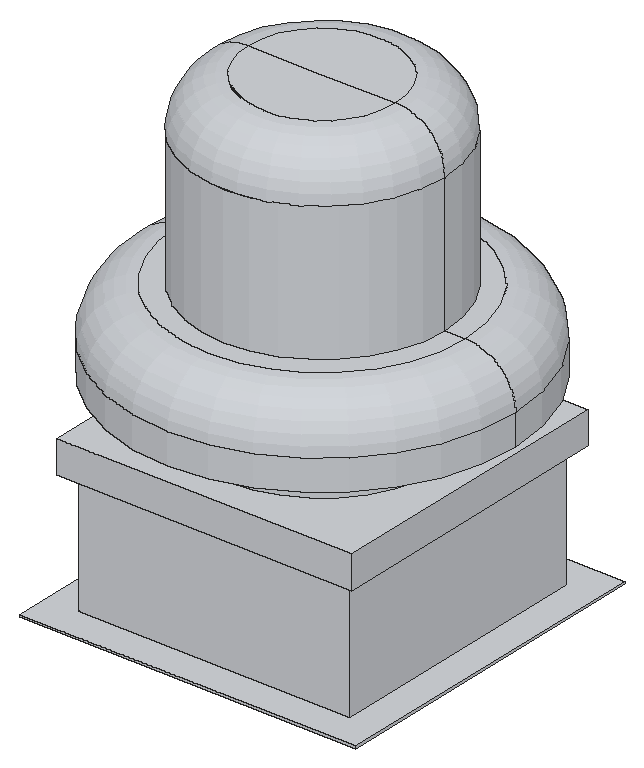
Revit family "ACE-B", category Mechanical Equipment, Revit 2019
Family settings
  Round Connector Dimension = Use Diameter
  Part Type = Normal
  Work Plane-Based = No
  Always vertical = Yes
  Cut with Voids When Loaded = No
  Shared = No
  Room Calculation Point = No
Parameters (values of type "100_ACE-B")
  ZERO = 0' - 0"  # constant formula
  Voltage [instance] = 0 V
  Unit Weight [instance] = ""
  URL = "www.lorencook.com"
  Type Comments = "Downblast Centrifugal Exhaust Ventilator Roof Mounted/Belt Drive"  # constant formula
  T_SQ_HALF = T_SQ / 2  # 0' - 9"
  T_SQ = 1' - 6"
  Static Pressure [instance] = 0.00 in-wg
  Sones [instance] = ""
  ROOF_OPENING = T_SQ - 0' 4 1/2"  # 1' - 1 1/2"
  RO/2 = ROOF_OPENING / 2  # 0' - 6 3/4"
  Power [instance] = Voltage * Motor FLA * sqrt(if(Phase = 3, 3, 1))  # 0 VA
  Phase [instance] = 0
  Number of Poles [instance] = 1
  Motor RPM [instance] = ""
  Motor Hp [instance] = "0"
  Motor FLA [instance] = 0 A
  Motor Enclosure [instance] = ""
  ModelID [instance] = ""
  Model = "ACEB"
  Manufacturer = "Loren Cook Company"
  LwA [instance] = ""
  HALF_B_SUB = B_SUB / 2  # 0' - 11 25/32"
  Fan RPM [instance] = ""
  EIGHTH_T_SQ = T_SQ / 10  # 0' - 1.8"
  EDGE_TO_CURB = 0' - 2 1/4"
  DEPTH = 0' - 2"
  C_SUB = 1' - 9 1/8"
  CURB_OD/2 = CURB_OD / 2  # 0' - 8 1/4"
  CURB_OD = ROOF_OPENING + 0' 3"  # 1' - 4 1/2"
  CURB_FLANGE/2 = CURB_FLANGE / 2  # 0' - 10 1/4"
  CURB_FLANGE = CURB_OD + 0' 4"  # 1' - 8 1/2"
  CURB [instance] = yes
  CFM [instance] = 0 CFM
  Brake Hp [instance] = ""
  B_SUB = 1' - 11 9/16"
  Accessories [instance] = ""
  A_SUB = 0' - 2 7/8"
  APLUSG = A_SUB + DEPTH  # 0' - 4 7/8"
  CURB_HEIGHT [instance] = 0' - 9 1/2"
  2" = 0' - 2"  # constant formula
  ONE EIGTH = 0' - 0 1/8"  # constant formula
  -RO/2 = -ROOF_OPENING / 2  # -0' - 6 3/4"
  -CURB_OD/2 = -CURB_OD / 2  # -0' - 8 1/4"
  -CURB_FLANGE/2 = -CURB_FLANGE / 2  # -0' - 10 1/4"
Types (22): name | T_SQ_HALF | T_SQ | ROOF_OPENING | RO/2 | Motor Hp | Manufacturer | HALF_B_SUB | EIGHTH_T_SQ | EDGE_TO_CURB | DEPTH | C_SUB | CURB_OD/2 | CURB_OD | CURB_FLANGE/2 | CURB_FLANGE | B_SUB | A_SUB | APLUSG | -RO/2 | -CURB_OD/2 | -CURB_FLANGE/2
  (no name) | 0' - 9" | 1' - 6" | 1' - 1 1/2" | 0' - 6 3/4" | "0" | "Loren Cook Company" | 0' - 11 25/32" | 0' - 1.8" | 0' - 2 1/4" | 0' - 2" | 1' - 9 1/8" | 0' - 8 1/4" | 1' - 4 1/2" | 0' - 10 1/4" | 1' - 8 1/2" | 1' - 11 9/16" | 0' - 2 7/8" | 0' - 4 7/8" | -0' - 6 3/4" | -0' - 8 1/4" | -0' - 10 1/4"
  60_ACE-B | 0' - 9" | 1' - 6" | 1' - 1 1/2" | 0' - 6 3/4" | "" | "Loren Cook Company" | 0' - 11 25/32" | 0' - 1.8" | 1' - 0.36115" | 0' - 2" | 1' - 9 1/8" | 0' - 8 1/4" | 1' - 4 1/2" | 0' - 10 1/4" | 1' - 8 1/2" | 1' - 11 9/16" | 0' - 2 7/8" | 0' - 4 7/8" | -0' - 6 3/4" | -0' - 8 1/4" | -0' - 10 1/4"
  70_ACE-B | 0' - 9" | 1' - 6" | 1' - 1 1/2" | 0' - 6 3/4" | "" | "Loren Cook Company\r\nLoren Cook Company" | 0' - 11 25/32" | 0' - 1.8" | 1' - 0.36115" | 0' - 2" | 1' - 9 1/8" | 0' - 8 1/4" | 1' - 4 1/2" | 0' - 10 1/4" | 1' - 8 1/2" | 1' - 11 9/16" | 0' - 2 7/8" | 0' - 4 7/8" | -0' - 6 3/4" | -0' - 8 1/4" | -0' - 10 1/4"
  80_ACE-B | 0' - 9" | 1' - 6" | 1' - 1 1/2" | 0' - 6 3/4" | "" | "Loren Cook Company" | 0' - 11 25/32" | 0' - 1.8" | 1' - 0.36115" | 0' - 2" | 1' - 9 1/8" | 0' - 8 1/4" | 1' - 4 1/2" | 0' - 10 1/4" | 1' - 8 1/2" | 1' - 11 9/16" | 0' - 2 7/8" | 0' - 4 7/8" | -0' - 6 3/4" | -0' - 8 1/4" | -0' - 10 1/4"
  100_ACE-B | 0' - 9" | 1' - 6" | 1' - 1 1/2" | 0' - 6 3/4" | "0" | "Loren Cook Company" | 0' - 11 25/32" | 0' - 1.8" | 0' - 2 1/4" | 0' - 2" | 1' - 9 1/8" | 0' - 8 1/4" | 1' - 4 1/2" | 0' - 10 1/4" | 1' - 8 1/2" | 1' - 11 9/16" | 0' - 2 7/8" | 0' - 4 7/8" | -0' - 6 3/4" | -0' - 8 1/4" | -0' - 10 1/4"
  120_ACE-B | 0' - 10" | 1' - 8" | 1' - 3 1/2" | 0' - 7 3/4" | "" | "Loren Cook Company" | 1' - 2 7/32" | 0' - 2" | 1' - 0.36115" | 0' - 2" | 2' - 2 7/8" | 0' - 9 1/4" | 1' - 6 1/2" | 0' - 11 1/4" | 1' - 10 1/2" | 2' - 4 7/16" | 0' - 1 13/16" | 0' - 3 13/16" | -0' - 7 3/4" | -0' - 9 1/4" | -0' - 11 1/4"
  135_ACE-B | 0' - 10" | 1' - 8" | 1' - 3 1/2" | 0' - 7 3/4" | "" | "Loren Cook Company" | 1' - 2 7/32" | 0' - 2" | 1' - 0.36115" | 0' - 2" | 2' - 3 1/4" | 0' - 9 1/4" | 1' - 6 1/2" | 0' - 11 1/4" | 1' - 10 1/2" | 2' - 4 7/16" | 0' - 2 3/16" | 0' - 4 3/16" | -0' - 7 3/4" | -0' - 9 1/4" | -0' - 11 1/4"
  150_ACE-B | 1' - 0" | 2' - 0" | 1' - 7 1/2" | 0' - 9 3/4" | "" | "Loren Cook Company" | 1' - 4 7/16" | 0' - 2.4" | 1' - 0.36115" | 0' - 2" | 2' - 4 7/8" | 0' - 11 1/4" | 1' - 10 1/2" | 1' - 1 1/4" | 2' - 2 1/2" | 2' - 8 7/8" | 0' - 3 1/16" | 0' - 5 1/16" | -0' - 9 3/4" | -0' - 11 1/4" | -1' - 1 1/4"
  165_ACE-B | 1' - 0" | 2' - 0" | 1' - 7 1/2" | 0' - 9 3/4" | "" | "Loren Cook Company" | 1' - 4 7/16" | 0' - 2.4" | 1' - 0.36115" | 0' - 2" | 2' - 5 3/8" | 0' - 11 1/4" | 1' - 10 1/2" | 1' - 1 1/4" | 2' - 2 1/2" | 2' - 8 7/8" | 0' - 3 9/16" | 0' - 5 9/16" | -0' - 9 3/4" | -0' - 11 1/4" | -1' - 1 1/4"
  180_ACE-B | 1' - 3" | 2' - 6" | 2' - 1 1/2" | 1' - 0 3/4" | "" | "Loren Cook Company" | 1' - 6 27/32" | 0' - 3" | 1' - 0.36115" | 0' - 3" | 2' - 10 1/2" | 1' - 2 1/4" | 2' - 4 1/2" | 1' - 4 1/4" | 2' - 8 1/2" | 3' - 1 11/16" | 0' - 3 15/16" | 0' - 6 15/16" | -1' - 0 3/4" | -1' - 2 1/4" | -1' - 4 1/4"
  195_ACE-B | 1' - 3" | 2' - 6" | 2' - 1 1/2" | 1' - 0 3/4" | "" | "Loren Cook Company" | 1' - 6 27/32" | 0' - 3" | 1' - 0.36115" | 0' - 3" | 2' - 11" | 1' - 2 1/4" | 2' - 4 1/2" | 1' - 4 1/4" | 2' - 8 1/2" | 3' - 1 11/16" | 0' - 4 7/16" | 0' - 7 7/16" | -1' - 0 3/4" | -1' - 2 1/4" | -1' - 4 1/4"
  210_ACE-B | 1' - 3" | 2' - 6" | 2' - 1 1/2" | 1' - 0 3/4" | "" | "Loren Cook Company" | 1' - 9 13/16" | 0' - 3" | 1' - 0 23/64" | 0' - 3" | 3' - 1 1/4" | 1' - 2 1/4" | 2' - 4 1/2" | 1' - 4 1/4" | 2' - 8 1/2" | 3' - 7 5/8" | 0' - 4 3/4" | 0' - 7 3/4" | -1' - 0 3/4" | -1' - 2 1/4" | -1' - 4 1/4"
  225_ACE-B | 1' - 3" | 2' - 6" | 2' - 1 1/2" | 1' - 0 3/4" | "" | "Loren Cook Company\r\nLoren Cook Company" | 1' - 9 13/16" | 0' - 3" | 1' - 0.36115" | 0' - 3" | 3' - 1 3/8" | 1' - 2 1/4" | 2' - 4 1/2" | 1' - 4 1/4" | 2' - 8 1/2" | 3' - 7 5/8" | 0' - 4 7/8" | 0' - 7 7/8" | -1' - 0 3/4" | -1' - 2 1/4" | -1' - 4 1/4"
  245_ACE-B | 1' - 3" | 2' - 6" | 2' - 1 1/2" | 1' - 0 3/4" | "" | "Loren Cook Company" | 1' - 11 13/16" | 0' - 3" | 1' - 0.36115" | 0' - 3" | 3' - 3 7/8" | 1' - 2 1/4" | 2' - 4 1/2" | 1' - 4 1/4" | 2' - 8 1/2" | 3' - 11 5/8" | 0' - 6 1/8" | 0' - 9 1/8" | -1' - 0 3/4" | -1' - 2 1/4" | -1' - 4 1/4"
  270_ACE-B | 1' - 6" | 3' - 0" | 2' - 7 1/2" | 1' - 3 3/4" | "" | "Loren Cook Company" | 1' - 11 13/16" | 0' - 3.6" | 1' - 0.36115" | 0' - 3" | 3' - 3 7/8" | 1' - 5 1/4" | 2' - 10 1/2" | 1' - 7 1/4" | 3' - 2 1/2" | 3' - 11 5/8" | 0' - 6 1/8" | 0' - 9 1/8" | -1' - 3 3/4" | -1' - 5 1/4" | -1' - 7 1/4"
  300_ACE-B | 1' - 6" | 3' - 0" | 2' - 7 1/2" | 1' - 3 3/4" | "" | "Loren Cook Company" | 2' - 2 5/16" | 0' - 3.6" | 1' - 0.36115" | 0' - 3" | 4' - 1 1/16" | 1' - 5 1/4" | 2' - 10 1/2" | 1' - 7 1/4" | 3' - 2 1/2" | 4' - 4 5/8" | 0' - 7 1/16" | 0' - 10 1/16" | -1' - 3 3/4" | -1' - 5 1/4" | -1' - 7 1/4"
  330_ACE-B | 1' - 9" | 3' - 6" | 3' - 1 1/2" | 1' - 6 3/4" | "" | "Loren Cook Company" | 2' - 2 5/16" | 0' - 4.2" | 1' - 0.36115" | 0' - 3" | 4' - 1 5/16" | 1' - 8 1/4" | 3' - 4 1/2" | 1' - 10 1/4" | 3' - 8 1/2" | 4' - 4 5/8" | 0' - 7 5/16" | 0' - 10 5/16" | -1' - 6 3/4" | -1' - 8 1/4" | -1' - 10 1/4"
  365_ACE-B | 1' - 9" | 3' - 6" | 3' - 1 1/2" | 1' - 6 3/4" | "" | "Loren Cook Company" | 2' - 7 5/16" | 0' - 4.2" | 1' - 0.36115" | 0' - 3" | 4' - 3 9/16" | 1' - 8 1/4" | 3' - 4 1/2" | 1' - 10 1/4" | 3' - 8 1/2" | 5' - 2 5/8" | 0' - 8 1/16" | 0' - 11 1/16" | -1' - 6 3/4" | -1' - 8 1/4" | -1' - 10 1/4"
  402_ACE-B | 2' - 0" | 4' - 0" | 3' - 7 1/2" | 1' - 9 3/4" | "" | "Loren Cook Company" | 2' - 7 5/16" | 0' - 4.8" | 1' - 0.36115" | 0' - 3" | 4' - 5 9/16" | 1' - 11 1/4" | 3' - 10 1/2" | 2' - 1 1/4" | 4' - 2 1/2" | 5' - 2 5/8" | 0' - 10 1/16" | 1' - 1 1/16" | -1' - 9 3/4" | -1' - 11 1/4" | -2' - 1 1/4"
  445_ACE-B | 2' - 3" | 4' - 6" | 4' - 1 1/2" | 2' - 0 3/4" | "" | "Loren Cook Company" | 3' - 1 19/32" | 0' - 5.4" | 1' - 0.36115" | 0' - 3" | 4' - 9 1/16" | 2' - 2 1/4" | 4' - 4 1/2" | 2' - 4 1/4" | 4' - 8 1/2" | 6' - 3 3/16" | 0' - 9 3/4" | 1' - 0 3/4" | -2' - 0 3/4" | -2' - 2 1/4" | -2' - 4 1/4"
  490_ACE-B | 2' - 3" | 4' - 6" | 4' - 1 1/2" | 2' - 0 3/4" | "" | "Loren Cook Company" | 3' - 1 19/32" | 0' - 5.4" | 1' - 0.36115" | 0' - 3" | 4' - 10 13/16" | 2' - 2 1/4" | 4' - 4 1/2" | 2' - 4 1/4" | 4' - 8 1/2" | 6' - 3 3/16" | 0' - 11 1/2" | 1' - 2 1/2" | -2' - 0 3/4" | -2' - 2 1/4" | -2' - 4 1/4"
  540_ACE-B | 2' - 9" | 5' - 6" | 5' - 1 1/2" | 2' - 6 3/4" | "" | "Loren Cook Company" | 3' - 4 31/32" | 0' - 6.6" | 0' - 2 1/4" | 0' - 3" | 5' - 0 5/16" | 2' - 8 1/4" | 5' - 4 1/2" | 2' - 10 1/4" | 5' - 8 1/2" | 6' - 9 15/16" | 1' - 0 1/2" | 1' - 3 1/2" | -2' - 6 3/4" | -2' - 8 1/4" | -2' - 10 1/4"
Reference planes (in)
  plane 1 "Center (Front/Back)": y = 0
  plane 2: z = 0
  plane 3 "Center (Left/Right)": x = 0
Forms (in)
  Extrusion 1, solid
    sketch origin (0, 0, 0) x (1, 0, 0) y (0, 1, 0)
      loop
        line (-9, 9) -> (-9, -9) -> (9, -9) -> (9, 9) -> (-9, 9)
    from 0 to 2
  Revolve 2, solid
    sketch origin (0, 0, 0) x (1, 0, 0) y (0, 0, 1)
      loop
        line (0, 2) -> (7.2, 2) -> (7.2, 4.875) -> (0, 4.875) -> (0, 2)
      axis (0, 4.875) -> (0, 2)
    angle from 0 to 360
  Revolve 3, solid
    sketch origin (0, 0, 0) x (1, 0, 0) y (0, 0, 1)
      loop
        line (0, 4.875) -> (11.78125, 4.875) -> (11.78125, 6.75)
        arc (11.78125, 6.75) -> (10.90257, 8.87132) -> (8.78125, 9.75) r 3
        line (8.78125, 9.75) -> (0, 9.75) -> (0, 4.875)
      axis (0, 4.875) -> (0, 9.75)
    angle from 0 to 360
  Revolve 4, solid
    sketch origin (0, 0, 0) x (1, 0, 0) y (0, 0, 1)
      loop
        line (0, 9.75) -> (7.5, 9.75) -> (7.5, 18.125)
        arc (7.5, 18.125) -> (6.62132, 20.24632) -> (4.5, 21.125) r 3
        line (4.5, 21.125) -> (0, 21.125) -> (0, 9.75)
      axis (0, 21.125) -> (0, 9.75)
    angle from 0 to 360
  Extrusion 5, solid
    sketch origin (0, 0, 0) x (1, 0, 0) y (0, 1, 0)
      loop
        line (-6.75, -6.75) -> (-4.75, -6.75) -> (-4.75, -4.75) -> (-6.75, -4.75) -> (-6.75, -6.75)
    from 3.9668 to 1.9668
  Extrusion 6, void
    sketch origin (0, 0, 0) x (1, 0, 0) y (0, 1, 0)
      loop
        line (-8.875, -8.875) -> (8.875, -8.875) -> (8.875, 8.875) -> (-8.875, 8.875) -> (-8.875, -8.875)
    from 0 to 1.875
  Extrusion 7, solid, visible <- "CURB"
    sketch origin (0, 0, 1.875) x (0, 1, 0) y (1, 0, 0)
      loop
        line (8.25, 8.25) -> (-8.25, 8.25) -> (-8.25, -8.25) -> (8.25, -8.25) -> (8.25, 8.25)
      loop
        line (-6.75, -6.75) -> (6.75, -6.75) -> (6.75, 6.75) -> (-6.75, 6.75) -> (-6.75, -6.75)
    from 0 to 9.5 <- "CURB_HEIGHT"
  Extrusion 8, solid, visible <- "CURB"
    sketch origin (0, 0, -7.625) x (-1, 0, 0) y (0, 1, 0)
      loop
        line (-10.25, 10.25) -> (-10.25, -10.25) -> (10.25, -10.25) -> (10.25, 10.25) -> (-10.25, 10.25)
      loop
        line (8.25, -8.25) -> (8.25, 8.25) -> (-8.25, 8.25) -> (-8.25, -8.25) -> (8.25, -8.25)
    from 0 to -0.125
Cuts and joins
  Extrusion 6 cuts Extrusion 1
Dimensions and locks (in)
  "T_SQ": Extrusion 1 sketch curve to Extrusion 1 sketch curve  (x2)
  "DEPTH": Extrusion 1 to Extrusion 1
  "T_SQ": Extrusion 1 to Extrusion 1  (x2)
  "EIGHTH_T_SQ": Extrusion 1 to Revolve 2 sketch curve
  "A_SUB": Revolve 2 sketch curve to Extrusion 1
  Revolve 2 sketch curve to Extrusion 1 = 0' - 0"
  "T_SQ_HALF": Revolve 2 sketch curve to Extrusion 1  (x2)
  Revolve 2 to Revolve 3 sketch curve = 0' - 0"
  "APLUSG": Revolve 3 sketch curve to Revolve 3 sketch curve
  "HALF_B_SUB": Revolve 3 sketch curve to plane 3 "Center (Left/Right)"
  "T_SQ_HALF": Extrusion 1 sketch curve to plane 3 "Center (Left/Right)"
  "T_SQ_HALF": plane 1 "Center (Front/Back)" to Extrusion 1 sketch curve
  "C_SUB": Revolve 4 sketch curve to Extrusion 1
  "APLUSG": Revolve 4 sketch curve to Revolve 3
  Extrusion 1 to Revolve 4 sketch curve = 0' - 1 1/2"
  Revolve 4 sketch curve to plane 3 "Center (Left/Right)" = 0' - 0"
  "EDGE_TO_CURB": Extrusion 1 to Extrusion 5 sketch curve  (x2)
  "ONE EIGTH": Extrusion 1 to Extrusion 6 sketch curve  (x3)
  "ONE EIGTH": Extrusion 6 sketch curve to Extrusion 1
  "CURB_OD/2": Extrusion 7 sketch curve to plane 3 "Center (Left/Right)"
  "CURB_OD/2": plane 3 "Center (Left/Right)" to Extrusion 7 sketch curve
  "CURB_OD/2": plane 1 "Center (Front/Back)" to Extrusion 7 sketch curve  (x2)
  "RO/2": plane 3 "Center (Left/Right)" to Extrusion 7 sketch curve
  "RO/2": Extrusion 7 sketch curve to plane 3 "Center (Left/Right)"
  "RO/2": Extrusion 7 sketch curve to plane 1 "Center (Front/Back)"
  "RO/2": plane 1 "Center (Front/Back)" to Extrusion 7 sketch curve
  "ZERO": Extrusion 7 to Extrusion 8 sketch curve  (x3)
  "ZERO": Extrusion 8 sketch curve to Extrusion 7
  "2"": Extrusion 8 sketch curve to Extrusion 8 sketch curve  (x4)
  radius of Revolve 3 sketch curve = 0' - 3"
Automatic sketch dimensions
  Revolve 3 sketch curve to plane 3 "Center (Left/Right)" = 0' - 0"  (x2)
  Revolve 3 sketch curve to Revolve 3 sketch curve = 0' - 0"  (x2)
  Revolve 2 sketch curve to Revolve 2 sketch curve = 0' - 0"  (x2)
  Revolve 4 sketch curve to plane 3 "Center (Left/Right)" = 0' - 0"
  Revolve 4 sketch curve to Revolve 4 sketch curve = 0' - 3"
  Revolve 4 sketch curve to Revolve 4 sketch curve = 0' - 0"  (x2)
  Extrusion 5 sketch curve to Extrusion 5 sketch curve = 0' - 2"  (x2)
Connectors (in)
  electrical at (-5.75, -5.75, 3.9668)
    settings: on Extrusion 5, index 2, voltage 0 V, apparent load 0 VA, apparent load phase1 0 VA, apparent load phase2 0 VA, apparent load phase3 0 VA, power factor 1, load classification "Other", number of poles 1, system type 30, power factor state 1, is connector primary yes, connector utility no, sub classification motor no, connector description ""
  hvac at (0, 0, 2), driven by "CFM", driven by "ROOF_OPENING", driven by "ROOF_OPENING"
    settings: on cut or joined group of Extrusion 1, Extrusion 6, index 3, duct flow 0 CFM, flow factor 0, pres drop 0.00 in-wg, loss coef 0, conn angle 0.00°, conn width 13 1/2", conn height 13 1/2", conn diameter 24", duct sys type 3, conn prof type 1, flow config 0, flow direction 2, loss method 0, conn ref index -1, conn util no, is conn primary yes, conn desc ""
